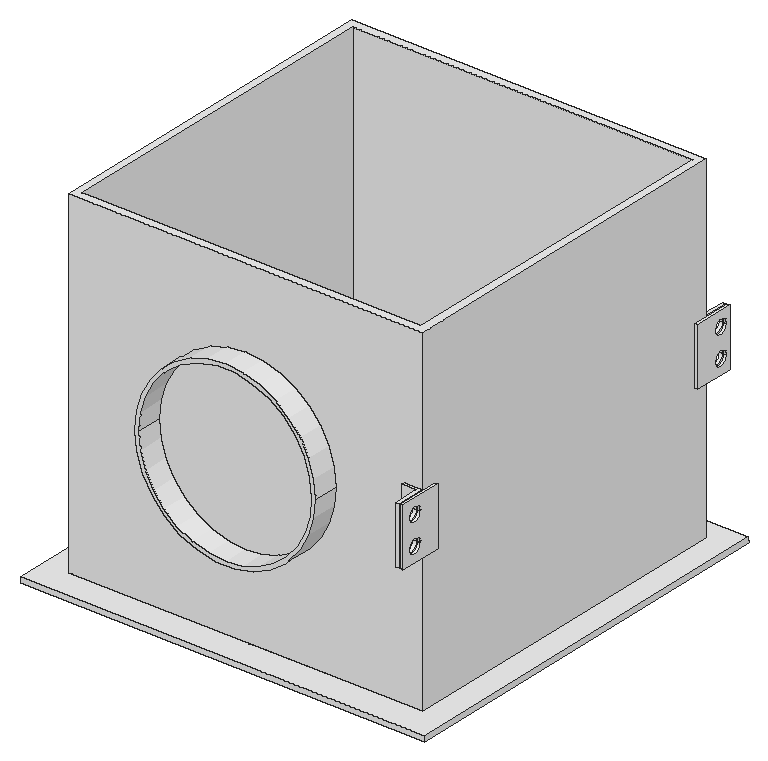
Revit family "Ceiling-Fan_VCDD-015C_Carnes", category Mechanical Equipment, host Ceiling, Revit 2012
Parameters
  ecoScorecard_data = ""
  ecoScorecard Product Page = "http://ecoscorecard.com/"
  Warranty URL = "http://www.carnes.com/GeneralCatalogs/termcond.pdf"
  Housing = Aluminum-Carnes-Spun-Brushed
  URL = "http://www.carnes.com/index.html"
  Specifications URL = ""
  Product Page URL = "http://www.carnes.com/ventilation/vcdd-vcdk.htm"
  Parts List URL = "http://www.carnes.com/ventilation/pdf/22005.pdf"
  Outer Radius = Duct Radius + 0' 0 1/8"  # 0' - 3 1/8"
  Model = "VCDD 015C"  # constant formula
  Material = ""
  Manufacturer Toll Free Phone = ""
  Manufacturer Phone = "608-845-6411"  # constant formula
  Manufacturer Fax = "608-845-6470"  # constant formula
  Manufacturer Email = "mailto:carnes@carnes.com"
  Manufacturer Address = "448 S. Main St., P. O. Box 930040, Verona, WI 53593-0040"  # constant formula
  Manufacturer = "CARNES COMPANY"  # constant formula
  IOM Instructions URL = "http://www.carnes.com/ventilation/pdf/11235.pdf"
  Grill Size = "14 x 14"
  Grill Depth = 0' - 0 3/8"
  Duct Radius = 0' - 3"
  Duct Connector = "6\""
  Description = "Ceiling Ventilators"  # constant formula
  Cost Info = "mailto:carnes@carnes.com"
  Catalog URL = "http://www.carnes.com/ventilation/pdf/C269-C295.pdf"
  Box Size = "12-1/4 x 12-1/4"
  Box Depth = 0' - 11 3/4"
  Assembly Code = "D3040200"
  95 CSI = "15850"  # constant formula
  04 CSI = "23 37 13"  # constant formula
Reference planes (in)
  plane 1 "Center (Front/Back)": y = 0
  plane 2 "Ceiling": z = 96
  plane 3 "Center (Left/Right)": x = 0
  plane 4: y = 6.125
  plane 5: x = -6.125
  plane 6: y = -6.125
  plane 7: x = 6.125
  plane 8: z = 95.625
  plane 9: z = 107.75
  plane 10: y = 7
  plane 11: x = -7
  plane 12: y = -7
  plane 13: x = 7
  plane 14: y = 6
Forms (in)
  Sweep 1, solid, material "Aluminum-Carnes-Spun-Brushed" <- "Housing", detail levels fine
    path origin (0, 0.125, 96) x (0, -1, 0) y (1, 0, 0)
      loop
        line (-6.125, -6.125) -> (6.125, -6.125) -> (6.125, 6.125) -> (-6.125, 6.125) -> (-6.125, -6.125)
    profile origin (0, 6.25, 96) x (0, 1, 0) y (0, 0, 1)
      loop
        line (0, 11.75) -> (-0.25, 11.75) -> (-0.25, 0) -> (0, 0) -> (0, 11.75)
  Extrusion 2, solid, material "Aluminum-Carnes-Spun-Brushed" <- "Housing", detail levels fine
    sketch origin (0, 0.125, 96) x (0, 1, 0) y (0, 0, 1)
      loop
        line (-5.625, 4.875) -> (-5.625, 6.875) -> (-7.125, 6.875) -> (-7.125, 4.875) -> (-5.625, 4.875)
      loop
        line (7, 6.875) -> (5.625, 6.875) -> (5.625, 4.875) -> (7, 4.875) -> (7, 6.875)
      loop
        circle (-6.625, 5.38243) r 0.25
      loop
        circle (-6.625, 6.36757) r 0.25
      loop
        circle (6.625, 5.38243) r 0.25
      loop
        circle (6.625, 6.36757) r 0.25
    from 6.125 to 6.25
  Extrusion 3, solid, material "Aluminum-Carnes-Spun-Brushed" <- "Housing", detail levels fine
    sketch origin (0, 0.125, 96) x (0, -1, 0) y (1, 0, 0)
      loop
        line (6.125, 5.5) -> (6.25, 5.5) -> (6.25, 6) -> (7.125, 6) -> (7.125, 6.125) -> (6.125, 6.125) -> (6.125, 5.5)
      loop
        line (-6.125, 5.5) -> (-6.125, 6.125) -> (-7, 6.125) -> (-7, 6) -> (-6.25, 6) -> (-6.25, 5.5) -> (-6.125, 5.5)
    from 6.875 to 4.875
  Extrusion 4, void
    sketch origin (0, 0.125, 96) x (0, 1, 0) y (0, 0, 1)
      loop
        circle (6.625, 5.38243) r 0.25
      loop
        circle (6.625, 6.36757) r 0.25
      loop
        circle (-6.625, 5.38243) r 0.25
      loop
        circle (-6.625, 6.36757) r 0.25
    from 5.875 to 6.25
  Extrusion 5, solid, material "Aluminum-Carnes-Spun-Brushed" <- "Housing", detail levels fine
    sketch origin (0, 0.125, 96) x (1, 0, 0) y (0, 0, 1)
      loop
        circle (0, 5.875) r 3
      loop
        circle (0, 5.875) r 3.125
    from 6.125 to 7
Cuts and joins
  Extrusion 4 cuts Extrusion 2
  Extrusion 4 cuts Extrusion 3
Lines and regions (in)
  Opening 1
    outline origin (-60, 60, 97) x (-1, 0, 0) y (0, -1, 0)
      loop
        line (-67, 67) -> (-67, 53) -> (-53, 53) -> (-53, 67) -> (-67, 67)
  model lines, detail levels coarse+medium
    curve 1: line (7, -7, 96) -> (7, 7, 96)
    curve 2: line (-7, 7, 96) -> (7, 7, 96)
    curve 3: line (-7, -7, 96) -> (7, -7, 96)
    curve 4: line (-7, -7, 96) -> (-7, 7, 96)
Dimensions and locks (in)
  equal spacing: host sketch curve, plane 3 "Center (Left/Right)", host sketch curve
  equal spacing: host sketch curve, plane 1 "Center (Front/Back)", host sketch curve
  host sketch curve to host sketch curve = 10' - 0"  (x2)
  equal spacing: plane 5, plane 3 "Center (Left/Right)", plane 7
  plane 5 to plane 7 = 1' - 0 1/4"
  equal spacing: plane 4, plane 1 "Center (Front/Back)", plane 6
  plane 4 to plane 6 = 1' - 0 1/4"
  "Grill Depth": plane 2 "Ceiling" to plane 8
  "Box Depth": plane 9 to plane 2 "Ceiling"
  equal spacing: plane 10, plane 1 "Center (Front/Back)", plane 12
  plane 10 to plane 12 = 1' - 2"
  equal spacing: plane 11, plane 3 "Center (Left/Right)", plane 13
  plane 11 to plane 13 = 1' - 2"
  locked: Extrusion 3 sketch curve to Extrusion 3 sketch curve at 0.5
  "Duct Radius": radius of Extrusion 5 sketch curve
  "Outer Radius": radius of Extrusion 5 sketch curve
  aligned and locked: Extrusion 2 sketch curve to Extrusion 2 sketch curve  (x2)
  aligned and locked: Extrusion 3 to Extrusion 2
  aligned and locked: Extrusion 2 to Extrusion 3
  aligned and locked: Extrusion 4 to Extrusion 2
  aligned and locked: Extrusion 4 to Sweep 1
  aligned and locked: plane 14 to Sweep 1 sketch curve
  aligned and locked: plane 13 to curve 1
  aligned and locked: curve 2 to plane 10
  aligned and locked: plane 12 to curve 3
  aligned and locked: curve 4 to plane 11
Automatic sketch dimensions
  Sweep 1 sketch curve to plane 7 = 0' - 0"
  Sweep 1 sketch curve to plane 5 = 0' - 0"
  plane 4 to Sweep 1 sketch curve = 0' - 0 1/8"
  Sweep 1 sketch curve to plane 6 = 0' - 0 1/8"
  Sweep 1 sketch curve to profile plane = 0' - 0"  (x2)
  profile plane to Sweep 1 sketch curve = 0' - 11 3/4"
  Extrusion 2 sketch curve to plane 12 = 0' - 0"
  plane 6 to Extrusion 2 sketch curve = 0' - 0 3/8"  (x2)
  Extrusion 2 sketch curve to plane 6 = 0' - 0 5/8"
  Extrusion 2 sketch curve to plane 4 = 0' - 0 3/8"
  Extrusion 2 sketch curve to plane 10 = 0' - 0 1/4"  (x2)
  plane 10 to Extrusion 2 sketch curve = 0' - 0 1/8"
  plane 2 "Ceiling" to Extrusion 2 sketch curve = 0' - 4 7/8"
  Extrusion 2 sketch curve to Extrusion 2 sketch curve = 0' - 0.50743"  (x3)
  Extrusion 2 sketch curve to Extrusion 2 sketch curve = 0' - 0.98513"  (x2)
  Extrusion 3 sketch curve to plane 7 = 0' - 0"  (x2)
  plane 6 to Extrusion 3 sketch curve = 0' - 0"
  plane 12 to Extrusion 3 sketch curve = 0' - 0"
  Extrusion 3 sketch curve to Extrusion 3 sketch curve = 0' - 0 1/8"  (x2)
  plane 4 to Extrusion 3 sketch curve = 0' - 0 1/8"
  plane 10 to Extrusion 3 sketch curve = 0' - 0 1/8"
  plane 7 to Extrusion 3 sketch curve = 0' - 0 1/8"  (x2)
  Extrusion 3 sketch curve to Extrusion 3 sketch curve = 0' - 0 1/2"
  Extrusion 4 sketch curve to Extrusion 4 sketch curve = 0' - 0"  (x8)
  Extrusion 4 sketch curve to plane 10 = 0' - 0"  (x2)
  Extrusion 4 sketch curve to plane 10 = 0' - 0 1/4"  (x2)
  plane 6 to Extrusion 4 sketch curve = 0' - 0 1/8"  (x2)
  Extrusion 4 sketch curve to Extrusion 4 sketch curve = 0' - 0 1/4"  (x2)
  plane 2 "Ceiling" to Extrusion 4 sketch curve = 0' - 5.38243"  (x2)
  Extrusion 4 sketch curve to Extrusion 4 sketch curve = 0' - 0.98513"  (x2)
  Extrusion 5 sketch curve to Extrusion 5 sketch curve = 0' - 0"  (x2)
  plane 5 to Extrusion 5 sketch curve = 0' - 3"
  plane 2 "Ceiling" to Extrusion 5 sketch curve = 0' - 5 7/8"
  Opening 1 sketch curve to plane 10 = 0' - 0"
  Opening 1 sketch curve to plane 13 = 0' - 0"
  Opening 1 sketch curve to plane 11 = 0' - 0"
  plane 12 to Opening 1 sketch curve = 0' - 0"
  radius of Extrusion 2 sketch curve = 0' - 0 1/4"  (x4)
Nested families (in)
  nested 1: "Grill 1" at (0, 0, 95.625), type "Grill 1", detail levels fine
Definition of nested family "Grill 1"
  Parameters (values of type "Grill 1")
    Width = 1' - 2"
    Height = 0' - 0 3/8"
    Grill = Aluminum-Carnes-Spun-Brushed
    Depth = 1' - 2"
    Default Elevation = 4' - 0"
    Assembly Code = ""
  Reference planes (in)
    plane 1 "Center (Front/Back)": y = 0
    plane 2: z = 0
    plane 3 "Center (Left/Right)": x = 0
    plane 4: x = -7
    plane 5: x = 7
    plane 6: y = 7
    plane 7: y = -7
    plane 8: z = 0.375
  Forms (in)
    Sweep 1, solid, material "Aluminum-Carnes-Spun-Brushed" <- "Grill"
      path origin (0, 0, 0) x (1, 0, 0) y (0, 1, 0)
        loop
          line (-7, 7) -> (-7, -7) -> (7, -7) -> (7, 7) -> (-7, 7)
      profile origin (0, 7, 0) x (0, 1, 0) y (0, 0, 1)
        loop
          line (0, 0.375) -> (-1, 0.375) -> (-1, 0) -> (-0.54372, 0) -> (0, 0.1875) -> (0, 0.375)
    Sweep 2, solid, material "Aluminum-Carnes-Spun-Brushed" <- "Grill"
      path in 3D
        loop
          line (-6, 6, 0.375) -> (6, 6, 0.375) -> (6, -6, 0.375) -> (-6, -6, 0.375) -> (-6, 6, 0.375)
      profile origin (-6, 0, 0.375) x (-1, 0, 0) y (0, 0, 1)
        loop
          line (-0.25, -0.1875) -> (-0.25, 0) -> (-0.5, 0) -> (-0.5, -0.375) -> (-0.375, -0.375) -> (-0.25, -0.1875)
    Sweep 3, solid, material "Aluminum-Carnes-Spun-Brushed" <- "Grill"
      path in 3D
        loop
          line (5.5, 5.5, 0.375) -> (5.5, -5.5, 0.375) -> (-5.5, -5.5, 0.375) -> (-5.5, 5.5, 0.375) -> (5.5, 5.5, 0.375)
      profile origin (0, 5.5, 0.375) x (0, 1, 0) y (0, 0, 1)
        loop
          line (-0.25, -0.1875) -> (-0.25, 0) -> (-0.5, 0) -> (-0.5, -0.375) -> (-0.375, -0.375) -> (-0.25, -0.1875)
    Sweep 4, solid, material "Aluminum-Carnes-Spun-Brushed" <- "Grill"
      path in 3D
        loop
          line (5, 5, 0.375) -> (5, -5, 0.375) -> (-5, -5, 0.375) -> (-5, 5, 0.375) -> (5, 5, 0.375)
      profile origin (0, 5, 0.375) x (0, 1, 0) y (0, 0, 1)
        loop
          line (-0.25, -0.1875) -> (-0.25, 0) -> (-0.5, 0) -> (-0.5, -0.375) -> (-0.375, -0.375) -> (-0.25, -0.1875)
    Sweep 5, solid, material "Aluminum-Carnes-Spun-Brushed" <- "Grill"
      path in 3D
        loop
          line (4.5, 4.5, 0.375) -> (4.5, -4.5, 0.375) -> (-4.5, -4.5, 0.375) -> (-4.5, 4.5, 0.375) -> (4.5, 4.5, 0.375)
      profile origin (0, 4.5, 0.375) x (0, 1, 0) y (0, 0, 1)
        loop
          line (-0.25, -0.1875) -> (-0.25, 0) -> (-0.5, 0) -> (-0.5, -0.375) -> (-0.375, -0.375) -> (-0.25, -0.1875)
    Sweep 6, solid, material "Aluminum-Carnes-Spun-Brushed" <- "Grill"
      path in 3D
        loop
          line (-4, 4, 0.375) -> (4, 4, 0.375) -> (4, -4, 0.375) -> (-4, -4, 0.375) -> (-4, 4, 0.375)
      profile origin (-4, 0, 0.375) x (-1, 0, 0) y (0, 0, 1)
        loop
          line (-0.25, -0.1875) -> (-0.25, 0) -> (-0.5, 0) -> (-0.5, -0.375) -> (-0.375, -0.375) -> (-0.25, -0.1875)
    Sweep 7, solid, material "Aluminum-Carnes-Spun-Brushed" <- "Grill"
      path in 3D
        loop
          line (-3.5, 3.5, 0.375) -> (3.5, 3.5, 0.375) -> (3.5, -3.5, 0.375) -> (-3.5, -3.5, 0.375) -> (-3.5, 3.5, 0.375)
      profile origin (-3.5, 0, 0.375) x (-1, 0, 0) y (0, 0, 1)
        loop
          line (-0.5, -0.375) -> (-0.5, 0) -> (-0.75, 0) -> (-0.75, -0.375) -> (-0.5, -0.375)
    Extrusion 8, solid, material "Aluminum-Carnes-Spun-Brushed" <- "Grill"
      sketch origin (0, 0, 0) x (1, 0, 0) y (0, 1, 0)
        loop
          line (-2.75, 2.75) -> (-2.75, -2.75) -> (2.75, -2.75) -> (2.75, 2.75) -> (-2.75, 2.75)
      from 0 to 0.375
    Extrusion 9, solid, material "Aluminum-Carnes-Spun-Brushed" <- "Grill"
      sketch origin (0, 0, 0) x (1, 0, 0) y (0, 1, 0)
        loop
          line (-0.125, 3) -> (0.125, 3) -> (0.125, 3.5) -> (-0.125, 3.5) -> (-0.125, 3)
        loop
          line (0.125, 6) -> (-0.125, 6) -> (-0.125, 5.75) -> (0.125, 5.75) -> (0.125, 6)
        loop
          line (-0.125, 5.5) -> (-0.125, 5.25) -> (0.125, 5.25) -> (0.125, 5.5) -> (-0.125, 5.5)
        loop
          line (-0.125, 5) -> (-0.125, 4.75) -> (0.125, 4.75) -> (0.125, 5) -> (-0.125, 5)
        loop
          line (-0.125, 4.5) -> (-0.125, 4.25) -> (0.125, 4.25) -> (0.125, 4.5) -> (-0.125, 4.5)
        loop
          line (-0.125, 4) -> (-0.125, 3.75) -> (0.125, 3.75) -> (0.125, 4) -> (-0.125, 4)
      from 0 to 0.375
    Extrusion 10, solid, material "Aluminum-Carnes-Spun-Brushed" <- "Grill"
      sketch origin (0, 0, 0) x (1, 0, 0) y (0, 1, 0)
        loop
          line (6, -0.125) -> (6, 0.125) -> (5.75, 0.125) -> (5.75, -0.125) -> (6, -0.125)
        loop
          line (5.5, 0.125) -> (5.25, 0.125) -> (5.25, -0.125) -> (5.5, -0.125) -> (5.5, 0.125)
        loop
          line (5, 0.125) -> (4.75, 0.125) -> (4.75, -0.125) -> (5, -0.125) -> (5, 0.125)
        loop
          line (4.5, 0.125) -> (4.25, 0.125) -> (4.25, -0.125) -> (4.5, -0.125) -> (4.5, 0.125)
        loop
          line (4, 0.125) -> (3.75, 0.125) -> (3.75, -0.125) -> (4, -0.125) -> (4, 0.125)
        loop
          line (3.5, 0.125) -> (3, 0.125) -> (3, -0.125) -> (3.5, -0.125) -> (3.5, 0.125)
      from 0 to 0.375
    Extrusion 11, solid, material "Aluminum-Carnes-Spun-Brushed" <- "Grill"
      sketch origin (0, 0, 0) x (1, 0, 0) y (0, 1, 0)
        loop
          line (-6, 0.125) -> (-6, -0.125) -> (-5.75, -0.125) -> (-5.75, 0.125) -> (-6, 0.125)
        loop
          line (-3, -0.125) -> (-3, 0.125) -> (-3.5, 0.125) -> (-3.5, -0.125) -> (-3, -0.125)
        loop
          line (-5.5, -0.125) -> (-5.25, -0.125) -> (-5.25, 0.125) -> (-5.5, 0.125) -> (-5.5, -0.125)
        loop
          line (-5, -0.125) -> (-4.75, -0.125) -> (-4.75, 0.125) -> (-5, 0.125) -> (-5, -0.125)
        loop
          line (-4.5, -0.125) -> (-4.25, -0.125) -> (-4.25, 0.125) -> (-4.5, 0.125) -> (-4.5, -0.125)
        loop
          line (-4, -0.125) -> (-3.75, -0.125) -> (-3.75, 0.125) -> (-4, 0.125) -> (-4, -0.125)
      from 0 to 0.375
    Extrusion 12, solid, material "Aluminum-Carnes-Spun-Brushed" <- "Grill"
      sketch origin (0, 0, 0) x (1, 0, 0) y (0, 1, 0)
        loop
          line (-0.125, -6) -> (0.125, -6) -> (0.125, -5.75) -> (-0.125, -5.75) -> (-0.125, -6)
        loop
          line (0.125, -3) -> (-0.125, -3) -> (-0.125, -3.5) -> (0.125, -3.5) -> (0.125, -3)
        loop
          line (0.125, -5.5) -> (0.125, -5.25) -> (-0.125, -5.25) -> (-0.125, -5.5) -> (0.125, -5.5)
        loop
          line (0.125, -5) -> (0.125, -4.75) -> (-0.125, -4.75) -> (-0.125, -5) -> (0.125, -5)
        loop
          line (0.125, -4.5) -> (0.125, -4.25) -> (-0.125, -4.25) -> (-0.125, -4.5) -> (0.125, -4.5)
        loop
          line (0.125, -4) -> (0.125, -3.75) -> (-0.125, -3.75) -> (-0.125, -4) -> (0.125, -4)
      from 0 to 0.375
  Cuts and joins
    joined: Sweep 1, Sweep 2, Sweep 3, Sweep 4, Sweep 5, Sweep 6, Sweep 7, Extrusion 8, Extrusion 9, Extrusion 10, Extrusion 11, Extrusion 12
  Lines and regions (in)
    sketch lines
      curve 1: line (-6, -6, 0.375) -> (-6, 6, 0.375)
      curve 2: line (6, -6, 0.375) -> (-6, -6, 0.375)
      curve 3: line (6, 6, 0.375) -> (6, -6, 0.375)
      curve 4: line (-6, 6, 0.375) -> (6, 6, 0.375)
      curve 5: line (-5.5, 5.5, 0.375) -> (5.5, 5.5, 0.375)
      curve 6: line (-5.5, -5.5, 0.375) -> (-5.5, 5.5, 0.375)
      curve 7: line (5.5, -5.5, 0.375) -> (-5.5, -5.5, 0.375)
      curve 8: line (5.5, 5.5, 0.375) -> (5.5, -5.5, 0.375)
      curve 9: line (-5, 5, 0.375) -> (5, 5, 0.375)
      curve 10: line (-5, -5, 0.375) -> (-5, 5, 0.375)
      curve 11: line (5, -5, 0.375) -> (-5, -5, 0.375)
      curve 12: line (5, 5, 0.375) -> (5, -5, 0.375)
      curve 13: line (-4.5, 4.5, 0.375) -> (4.5, 4.5, 0.375)
      curve 14: line (-4.5, -4.5, 0.375) -> (-4.5, 4.5, 0.375)
      curve 15: line (4.5, -4.5, 0.375) -> (-4.5, -4.5, 0.375)
      curve 16: line (4.5, 4.5, 0.375) -> (4.5, -4.5, 0.375)
      curve 17: line (-4, -4, 0.375) -> (-4, 4, 0.375)
      curve 18: line (4, -4, 0.375) -> (-4, -4, 0.375)
      curve 19: line (4, 4, 0.375) -> (4, -4, 0.375)
      curve 20: line (-4, 4, 0.375) -> (4, 4, 0.375)
      curve 21: line (-3.5, -3.5, 0.375) -> (-3.5, 3.5, 0.375)
      curve 22: line (3.5, -3.5, 0.375) -> (-3.5, -3.5, 0.375)
      curve 23: line (3.5, 3.5, 0.375) -> (3.5, -3.5, 0.375)
      curve 24: line (-3.5, 3.5, 0.375) -> (3.5, 3.5, 0.375)
  Dimensions and locks (in)
    equal spacing: plane 6, plane 1 "Center (Front/Back)", plane 7
    equal spacing: plane 4, plane 3 "Center (Left/Right)", plane 5
    "Width": plane 4 to plane 5
    "Depth": plane 6 to plane 7
    "Height": plane 8 to plane 2
    locked: profile plane to Sweep 1 sketch curve at 0.54372
    locked: plane 8 to Sweep 1 sketch curve at 0.1875
    equal spacing: Extrusion 9 sketch curve, plane 3 "Center (Left/Right)", Extrusion 9 sketch curve
    equal spacing: Extrusion 10 sketch curve, plane 1 "Center (Front/Back)", Extrusion 10 sketch curve
    aligned and locked: plane 2 to level
    aligned and locked: Sweep 1 sketch curve to plane 6
    aligned and locked: Sweep 1 sketch curve to plane 4
    aligned and locked: Sweep 1 sketch curve to plane 7
    aligned and locked: Sweep 1 sketch curve to plane 5
    aligned and locked: Sweep 1 sketch curve to profile plane
    aligned and locked: Sweep 1 sketch curve to plane 8
    aligned and locked: profile plane to Sweep 1 sketch curve
    aligned and locked: profile plane to Sweep 2 sketch curve
    aligned and locked: level to Sweep 2 sketch curve
    aligned and locked: profile plane to Sweep 3 sketch curve
    aligned and locked: level to Sweep 3 sketch curve
    aligned and locked: profile plane to Sweep 4 sketch curve
    aligned and locked: level to Sweep 4 sketch curve
    aligned and locked: profile plane to Sweep 5 sketch curve
    aligned and locked: level to Sweep 5 sketch curve
    aligned and locked: profile plane to Sweep 6 sketch curve
    aligned and locked: level to Sweep 6 sketch curve
    aligned and locked: profile plane to Sweep 7 sketch curve
    aligned and locked: level to Sweep 7 sketch curve
    aligned and locked: Extrusion 8 sketch curve to Sweep 7  (x4)
    aligned and locked: Extrusion 8 to plane 2
    aligned and locked: plane 8 to Extrusion 8
    aligned and locked: Sweep 1 to Extrusion 9 sketch curve
    aligned and locked: Sweep 2 to Extrusion 9 sketch curve  (x2)
    aligned and locked: Sweep 3 to Extrusion 9 sketch curve
    aligned and locked: Sweep 4 to Extrusion 9 sketch curve
    aligned and locked: Sweep 5 to Extrusion 9 sketch curve  (x2)
    aligned and locked: Extrusion 9 sketch curve to Extrusion 9 sketch curve  (x10)
    aligned and locked: Extrusion 9 to plane 2
    aligned and locked: plane 8 to Extrusion 9
    aligned and locked: cut or joined group 1 (Sweep 1, Sweep 2, Sweep 3, Sweep 4, Sweep 5, Sweep 6, Sweep 7, Extrusion 8, Extrusion 9, Extrusion 10, Extrusion 11, Extrusion 12) to Extrusion 10 sketch curve  (x11)
    aligned and locked: Extrusion 10 sketch curve to Extrusion 10 sketch curve  (x10)
    aligned and locked: Extrusion 10 to plane 2
    aligned and locked: plane 8 to Extrusion 10
    aligned and locked: cut or joined group 1 to Extrusion 11 sketch curve  (x12)
    aligned and locked: Extrusion 11 to plane 2
    aligned and locked: plane 8 to Extrusion 11
    aligned and locked: cut or joined group 1 to Extrusion 12 sketch curve  (x12)
    aligned and locked: Extrusion 12 to plane 2
    aligned and locked: plane 8 to Extrusion 12
  Automatic sketch dimensions
    Sweep 1 sketch curve to Sweep 1 sketch curve = 0' - 0.45628"
    profile plane to Sweep 2 sketch curve = 0' - 0 1/2"
    Sweep 2 sketch curve to Sweep 2 sketch curve = 0' - 0 1/8"
    profile plane to Sweep 2 sketch curve = 0' - 0 1/4"
    Sweep 2 sketch curve to Sweep 2 sketch curve = 0' - 0 3/16"
    profile plane to Sweep 3 sketch curve = 0' - 0 1/2"
    Sweep 3 sketch curve to Sweep 3 sketch curve = 0' - 0 1/8"
    profile plane to Sweep 3 sketch curve = 0' - 0 1/4"
    Sweep 3 sketch curve to Sweep 3 sketch curve = 0' - 0 3/16"
    profile plane to Sweep 4 sketch curve = 0' - 0 1/2"
    Sweep 4 sketch curve to Sweep 4 sketch curve = 0' - 0 1/8"
    Sweep 4 sketch curve to Sweep 4 sketch curve = 0' - 0 1/4"
    Sweep 4 sketch curve to profile plane = 0' - 0 3/16"
    profile plane to Sweep 5 sketch curve = 0' - 0 1/2"
    Sweep 5 sketch curve to Sweep 5 sketch curve = 0' - 0 1/8"
    Sweep 5 sketch curve to Sweep 5 sketch curve = 0' - 0 1/4"
    Sweep 5 sketch curve to profile plane = 0' - 0 3/16"
    profile plane to Sweep 6 sketch curve = 0' - 0 1/2"
    Sweep 6 sketch curve to Sweep 6 sketch curve = 0' - 0 1/8"
    Sweep 6 sketch curve to Sweep 6 sketch curve = 0' - 0 1/4"
    Sweep 6 sketch curve to profile plane = 0' - 0 3/16"
    profile plane to Sweep 7 sketch curve = 0' - 0 3/4"
    Sweep 7 sketch curve to Sweep 7 sketch curve = 0' - 0 1/4"
    Extrusion 9 sketch curve to plane 3 "Center (Left/Right)" = 0' - 0 1/8"
    Extrusion 10 sketch curve to plane 1 "Center (Front/Back)" = 0' - 0 1/8"
    Extrusion 10 sketch curve to Extrusion 10 sketch curve = 0' - 0 1/4"
    Extrusion 9 sketch curve to Extrusion 9 sketch curve = 0' - 0 1/4"  (x4)
    Extrusion 9 sketch curve to Extrusion 9 sketch curve = 0' - 0 1/2"
    Extrusion 11 sketch curve to plane 1 "Center (Front/Back)" = 0' - 0 1/8"  (x4)
    Extrusion 11 sketch curve to Extrusion 11 sketch curve = 0' - 0"  (x4)
    plane 1 "Center (Front/Back)" to Extrusion 11 sketch curve = 0' - 0 1/8"  (x4)
    Extrusion 12 sketch curve to plane 3 "Center (Left/Right)" = 0' - 0 1/8"  (x3)
    Extrusion 12 sketch curve to Extrusion 12 sketch curve = 0' - 0"  (x8)
    plane 3 "Center (Left/Right)" to Extrusion 12 sketch curve = 0' - 0 1/8"
